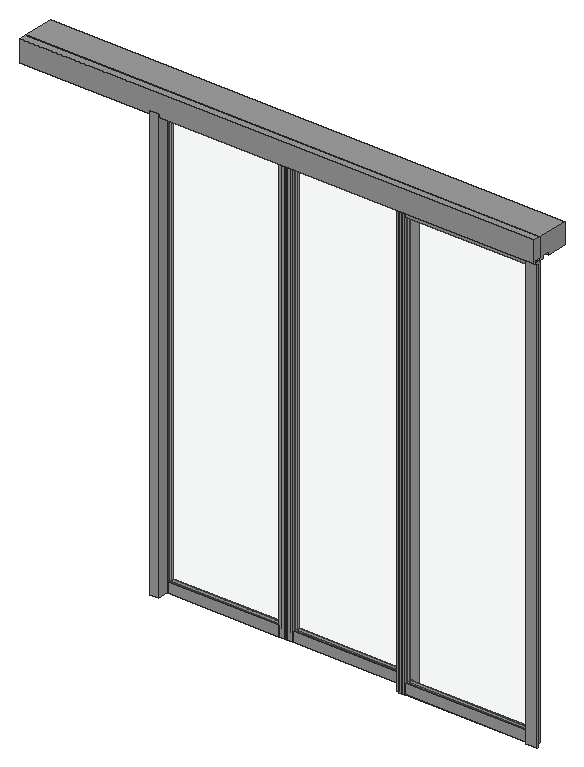
Revit family "agtatec_Record_SldngDrset_D-STA_WallBased", category Doors, host Wall, Revit 2015 (continued)
Definition of nested family "D-STA"
  Definition of nested family "Interlacing profile - Outer"
    Lines and regions (mm)
      Masking region 3, visible <- "Interlacing profile 3"
        outline origin (0, 0, 0) x (1, 0, 0) y (0, 1, 0)
          loop
            line (17, 10) -> (1.7, 10) -> (1.7, 32) -> (0, 32) -> (0, -12) -> (17, -12) -> (17, 10)
      symbolic lines, visible <- "Interlacing profile 1", detail levels medium+fine
        curve 1: line (0, 10, 40) -> (0, 0, 40)
        curve 2: line (0, 0, 40) -> (-32, 0, 40)
    Dimensions and locks
      "Interlancing Profile Height": plane 4 to level
      aligned and locked: plane 4 to Extrusion 1
      aligned and locked: plane 4 to Extrusion 2
      aligned and locked: plane 4 to Extrusion 3
      aligned and locked: Extrusion 1 to plane 6
    Automatic sketch dimensions
      plane 1 "Center (Front/Back)" to curve 1 = 0.00 mm
      curve 1 to plane 3 "Center (Left/Right)" = 0.00 mm
      curve 2 to plane 3 "Center (Left/Right)" = 32.00 mm
      curve 1 to plane 1 "Center (Front/Back)" = 10.00 mm
      Extrusion 1 sketch curve to plane 6 = 0.00 mm
      plane 1 "Center (Front/Back)" to Extrusion 1 sketch curve = 0.00 mm
      Extrusion 1 sketch curve to plane 3 "Center (Left/Right)" = 0.00 mm
      Extrusion 1 sketch curve to plane 3 "Center (Left/Right)" = 32.00 mm
      plane 3 "Center (Left/Right)" to Extrusion 1 sketch curve = 17.00 mm
      Extrusion 1 sketch curve to plane 1 "Center (Front/Back)" = 10.00 mm
      Masking region 1 sketch curve to plane 6 = 0.00 mm
      plane 1 "Center (Front/Back)" to Masking region 1 sketch curve = 0.00 mm
      Masking region 1 sketch curve to plane 3 "Center (Left/Right)" = 0.00 mm
      Masking region 1 sketch curve to plane 3 "Center (Left/Right)" = 32.00 mm
      plane 3 "Center (Left/Right)" to Masking region 1 sketch curve = 17.00 mm
      Masking region 1 sketch curve to Masking region 1 sketch curve = 10.00 mm
      Extrusion 3 sketch curve to plane 3 "Center (Left/Right)" = 0.00 mm
      Extrusion 3 sketch curve to plane 6 = 0.00 mm
      plane 3 "Center (Left/Right)" to Extrusion 3 sketch curve = 1.70 mm
      plane 3 "Center (Left/Right)" to Extrusion 3 sketch curve = 17.00 mm
      Extrusion 3 sketch curve to plane 1 "Center (Front/Back)" = 10.00 mm
      Extrusion 3 sketch curve to Extrusion 3 sketch curve = 22.00 mm
      Masking region 3 sketch curve to plane 3 "Center (Left/Right)" = 0.00 mm
      Masking region 3 sketch curve to plane 6 = 0.00 mm
      plane 3 "Center (Left/Right)" to Masking region 3 sketch curve = 1.70 mm
      Masking region 3 sketch curve to Masking region 3 sketch curve = 15.30 mm
      Masking region 3 sketch curve to plane 1 "Center (Front/Back)" = 10.00 mm
      Masking region 3 sketch curve to Masking region 3 sketch curve = 22.00 mm
      Masking region 2 sketch curve to plane 6 = 0.00 mm
      Masking region 2 sketch curve to Masking region 2 sketch curve = 3.50 mm
      Masking region 2 sketch curve to Masking region 2 sketch curve = 37.95 mm
      plane 3 "Center (Left/Right)" to Masking region 2 sketch curve = 4.45 mm
      Masking region 2 sketch curve to Masking region 2 sketch curve = 12.55 mm
      Masking region 2 sketch curve to plane 1 "Center (Front/Back)" = 7.50 mm
      Masking region 2 sketch curve to Masking region 2 sketch curve = 2.50 mm
      Masking region 2 sketch curve to Masking region 2 sketch curve = 22.00 mm
      Extrusion 2 sketch curve to plane 6 = 0.00 mm
      Extrusion 2 sketch curve to plane 3 "Center (Left/Right)" = 37.00 mm
      Extrusion 2 sketch curve to plane 1 "Center (Front/Back)" = 7.50 mm
      Extrusion 2 sketch curve to Extrusion 2 sketch curve = 3.50 mm
      plane 3 "Center (Left/Right)" to Extrusion 2 sketch curve = 4.45 mm
      Extrusion 2 sketch curve to Extrusion 2 sketch curve = 12.55 mm
      Extrusion 2 sketch curve to Extrusion 2 sketch curve = 22.00 mm
      Extrusion 2 sketch curve to plane 1 "Center (Front/Back)" = 10.00 mm
Types (12, lengths in mm): name | WithSidePanels | TotalWidth | TotalHeight | SideVoidRight | SideVoidLeft | RightPanel | Width | Rough Width | Rough Height | NominalWidth | NominalHeight | LeftPanel | Height | DriveUnitHeight
  D-STA 150 mm drive unit height - side panel left | no | 1954.50 | 2337.00 | 0.00 | 653.00 | no | 1954.50 | 1960.50 | 2343.00 | 1954.50 | 2337.00 | yes | 2337.00 | 150.00
  D-STA 150 mm drive unit height - side panel right | no | 1954.50 | 2337.00 | 653.00 | 0.00 | yes | 1954.50 | 1960.50 | 2343.00 | 1954.50 | 2337.00 | no | 2337.00 | 150.00
  D-STA 150 mm drive unit height - with two side panels | yes | 2600.00 | 2337.00 | 653.00 | 653.00 | yes | 2600.00 | 2606.00 | 2343.00 | 2600.00 | 2337.00 | yes | 2337.00 | 150.00
  D-STA 150 mm drive unit height - without side panels | no | 1309.00 | 2337.00 | 0.00 | 0.00 | no | 1309.00 | 1315.00 | 2343.00 | 1309.00 | 2337.00 | no | 2337.00 | 150.00
  D-STA 200 mm drive unit height - side panel left | no | 1954.50 | 2387.00 | 0.00 | 653.00 | no | 1954.50 | 1960.50 | 2393.00 | 1954.50 | 2387.00 | yes | 2387.00 | 200.00
  D-STA 200 mm drive unit height - side panel right | no | 1954.50 | 2387.00 | 653.00 | 0.00 | yes | 1954.50 | 1960.50 | 2393.00 | 1954.50 | 2387.00 | no | 2387.00 | 200.00
  D-STA 200 mm drive unit height - with two side panels | yes | 2600.00 | 2387.00 | 653.00 | 653.00 | yes | 2600.00 | 2606.00 | 2393.00 | 2600.00 | 2387.00 | yes | 2387.00 | 200.00
  D-STA 200 mm drive unit height - without side panels | no | 1309.00 | 2387.00 | 0.00 | 0.00 | no | 1309.00 | 1315.00 | 2393.00 | 1309.00 | 2387.00 | no | 2387.00 | 200.00
  D-STA 108 mm drive unit height - side panel left | no | 1954.50 | 2295.00 | 0.00 | 653.00 | no | 1954.50 | 1960.50 | 2301.00 | 1954.50 | 2295.00 | yes | 2295.00 | 108.00
  D-STA 108 mm drive unit height - side panel right | no | 1954.50 | 2295.00 | 653.00 | 0.00 | yes | 1954.50 | 1960.50 | 2301.00 | 1954.50 | 2295.00 | no | 2295.00 | 108.00
  D-STA 108 mm drive unit height - with two side panels | yes | 2600.00 | 2295.00 | 653.00 | 653.00 | yes | 2600.00 | 2606.00 | 2301.00 | 2600.00 | 2295.00 | yes | 2295.00 | 108.00
  D-STA 108 mm drive unit height - without side panels | no | 1309.00 | 2295.00 | 0.00 | 0.00 | no | 1309.00 | 1315.00 | 2301.00 | 1309.00 | 2295.00 | no | 2295.00 | 108.00
